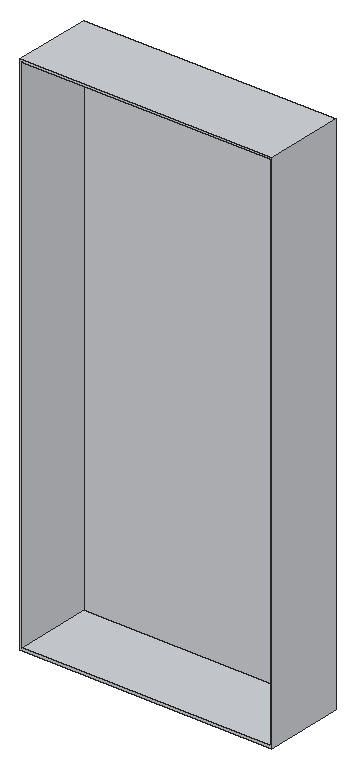
Revit family "Hager-VOLTA-Surface_mounted-IP30-Without_Cover-Without_DIN-NoHosted-CH-de", category Electrical Equipment, Revit 2023
Family settings
  Panel Configuration = Two Columns, Circuits Across
  Round Connector Dimension = Use Diameter
  Part Type = Panelboard
  Work Plane-Based = Yes
  Always vertical = Yes
  Cut with Voids When Loaded = No
  Maintain Annotation Orientation = No
  Shared = No
  Room Calculation Point = No
Parameters (values of type "VOLTA-Surface_mounted_W305_H640_D96_12_Modular_Spacing-VA48MD")
  Width Control [instance] = if([HG000006-Unterputz], if([EF000846 - Einbaubreite] > min_whd, [EF000846 - Einbaubreite], min_whd), if([EF000008 - Breite] > min_whd, ([EF000008 - Breite]), min_whd))  # 305 mm
  Void Depth [instance] = if([EF000218 - Einbautiefe] > 1 mm, [EF000218 - Einbautiefe], 1 mm)  # 1 mm
  Uniformat code = "D501001"
  Uniformat = "Low Tension Service & Dist."
  Référence = ""
  HGEF0002950-Breite in Teilungseinheiten = 12
  HGEF000266-Anzahl der Reihen = 4
  HG000131 - Functional label [instance] = ""
  HG000130 - Functional name [instance] = ""
  HG000099-Onfly Template ID-de-CH = "507532"
  HG000059-Operating voltage-de-CH [instance] = 230 V
  HG000017-Distanz zwischen den Polen = 18 mm
  HG000016-3D-Türsichtbarkeit = yes
  HG000015-Sichtbarkeit der Türöffnung = yes
  HG000014-Tür rechts = yes
  HG000013-Tür links = no
  HG000012-Türschwenkwinkel = 90.00°
  HG000011-Leere Reihen von unten = no
  HG000010-Asymmetrische Türen = no
  HG000009-Doppelflügeligen Tür = no
  HG000008-Anzahl der leeren Reihen = 0
  HG000007-Anzahl der leeren Spalten = 0
  HG000006-Unterputz = no
  HG000005-Dicke = 2 mm
  HG000004-Herstellerreferenz = "VA48MD"
  HG000003-Bereich = "VOLTA"
  HG000002-Mit tür = no
  HG000001-Anzahl der Spalten = 0
  ETIM class name = "Small distribution board"
  ETIM class code = "EC000214"
  EF015941 - Signaldurchlassende Tür = no
  EF015777 - Neutralleiterklemmenblock = no
  EF015776 - Erdungsklemmenblock = no
  EF009212 - Ausführung Deckel = "mit Ausschnitt"
  EF006306 - Mit Schloss = no
  EF006244 - Transparenter Deckel/Tür = no
  EF005474 - Schutzart (IP) = "IP30"
  EF004464 - Art der Tür = ""
  EF004462 - Art der Schliessung = ""
  EF002950 - Anzahl Teilungseinheiten = 12
  EF001596 - Werkstoff des Gehäuses = ""
  EF001134 - DIN-Schiene = no
  EF001131 - Innentiefe = 0 mm
  EF001088 - Anbaumöglichkeit = yes
  EF001062 - EMV-Ausführung = no
  EF000846 - Einbaubreite = 0 mm
  EF000339 - Art der Abdeckung = ""
  EF000332 - Einbauhöhe = 0 mm
  EF000266 - Anzahl der Reihen = 4
  EF000218 - Einbautiefe = 0 mm
  EF000118 - Mit Montageplatte = yes
  EF000116 - RAL-Nummer = 9010
  EF000049 - Tiefe = 96 mm
  EF000040 - Höhe = 640 mm
  EF000024 - UV-beständig = no
  EF000008 - Breite = 305 mm
  EF000007 - Farbe = "weiss"
  EF000003 - Montageart = "Aufputz"
  Type Comments = ""
  System Height [instance] = Height Control - 2 * [HG000005-Dicke]  # 636 mm
  Reference description = ""
  Reference = "VOLTA-Surface_mounted_W305_H640_D96_12_Modular_Spacing-VA48MD"
  Panel Name [instance] = ""  # (empty or 0)
  Offset [instance] = 0 mm
  Object type = ""
  Name hager = "ADD_Enclosures_EC000214"
  Name BIM&CO = "Electricity"
  Name = "VOLTA-Surface_mounted-IP30-Without_Cover-Without_DIN-CH"
  Model = ""
  Level Offset [instance] = [Flush Mounted - Door Frame Width] + Offset  # 0 mm
  HG000060-RAL-number = "9010"
  GTIN (Global Trade Item Number) = ""
  Description = ""
  Default Elevation = 1200 mm
  Creation Date = "12/15/2025 21:43:52"
  Code hager = "ADD-EC000214_EU"
  Code Uniformat = ""
  BIM&CO code = ""
  BC_VARIANT_ID = "1174158"
  BC_OBJECT_VERSION = "#9"  # constant formula
  BC_OBJECT_ID = "513473"  # constant formula
  BC_MODEL_ID = "1547142"  # constant formula
  BC_METADATA = "{\"ObjectGuid\":\"bc35c96e-cb38-443e-833d-0616858cb9ac\",\"ModelGuid\":\"8af03f69-2293-4735-a617-cc53adf55621\",\"VariantGuid\":\"8b6e323b-1b53-409a-a940-11b5a7fc5337\",\"Revision\":\"#4\",\"VariantName\":\"Template-Enclosure_EU-EC000214\"}"
  Arrow Offset [instance] = Depth Control / 8  # 12 mm
  Arrow Height [instance] = Depth Control - Arrow Offset  # 84 mm
  Host Offset [instance] = if([HG000006-Unterputz], 0 mm, [EF000049 - Tiefe])  # 96 mm
  min_whd [instance] = (2 * [HG000005-Dicke]) + 1 mm  # 5 mm
  Manufacturer = "Hager"  # constant formula
  Height Control [instance] = if([HG000006-Unterputz], if([EF000332 - Einbauhöhe] > min_whd, [EF000332 - Einbauhöhe], min_whd), if([EF000040 - Höhe] > min_whd, ([EF000040 - Höhe]), min_whd))  # 640 mm
  Flush Mounted - Door Frame Width [instance] = if(([EF000040 - Höhe] - [EF000332 - Einbauhöhe]) > 0 mm, if([HG000006-Unterputz], [EF000040 - Höhe] - [EF000332 - Einbauhöhe], 0 mm), 0 mm)  # 0 mm
  Depth Control [instance] = if([HG000006-Unterputz], if([EF000218 - Einbautiefe] > 0 mm, [EF000218 - Einbautiefe], 1 mm), if([EF000049 - Tiefe] > 0 mm, ([EF000049 - Tiefe]), 1 mm))  # 96 mm
Reference planes
  plane 1 "Center (Front/Back)": y = 0
  plane 2: z = 0
  plane 3 "Center (Left/Right)": x = 0
  plane 4: y = 2
  plane 5: y = 0
  plane 6: y = 0
  plane 7: z = 0
  plane 8: x = -152.5
  plane 9: x = 152.5
  plane 10: x = 150.5
  plane 11: x = -150.5
  plane 12: z = 0
  plane 13: z = 2
  plane 14: y = -91
  plane 15: y = -96
  plane 16: y = -2
  plane 17: z = 638
  plane 18: z = 640
  plane 19: z = 320
  plane 20: x = 0
  plane 21: y = -100
  plane 22 "Annotation H": y = -300
  plane 23 "Annotation V": x = 352.5
Forms (mm)
  Extrusion 1, solid
    sketch origin (-208.679, -4572, 0) x (-1, 0, 0) y (0, -1, 0)
      loop
        line (-56.179, -4476) -> (-361.179, -4476) -> (-361.179, -4572) -> (-56.179, -4572) -> (-56.179, -4476)
    from 0 to 640 <- "Height Control"
  Extrusion 2, void
    sketch origin (-350.771, -96, 1219.2) x (1, 0, 0) y (0, 0, 1)
      loop
        line (200.271, -581.2) -> (200.271, -1217.2) -> (501.271, -1217.2) -> (501.271, -581.2) -> (200.271, -581.2)
    from 0 to -94
  Extrusion 3, solid, detail levels coarse+medium
    sketch origin (-350.771, -96, 1219.2) x (-1, 0, 0) y (0, 0, 1)
      loop
        line (-200.271, -581.2) -> (-501.271, -581.2) -> (-501.271, -1217.2) -> (-200.271, -1217.2) -> (-200.271, -581.2)
    from 0 to 2 <- "HG000005-Dicke"
Cuts and joins
  Extrusion 2 cuts Extrusion 1
Dimensions and locks
  "Flush Mounted - Door Frame Width": plane 1 "Center (Front/Back)" to plane 6
  "HG000005-Dicke": plane 4 to plane 6
  "HG000005-Dicke": plane 8 to plane 11
  "HG000005-Dicke": plane 9 to plane 10
  equal spacing: plane 8, plane 3 "Center (Left/Right)", plane 9
  "Width Control": plane 8 to plane 9
  locked: plane 14 to plane 15 at 5
  "Host Offset": plane 1 "Center (Front/Back)" to plane 15
  "Depth Control": plane 5 to plane 15
  "HG000005-Dicke": plane 5 to plane 16
  "HG000005-Dicke": plane 13 to plane 12
  "Level Offset": plane 12 to level
  "HG000005-Dicke": plane 18 to plane 17
  "Height Control": plane 18 to plane 12
  "Arrow Offset": plane 5 to nested 4
  equal spacing: plane 18, plane 19, plane 12
  locked: connector elem to plane 19
  locked: connector elem to plane 3 "Center (Left/Right)"
  Extrusion 2 sketch curve to Extrusion 2 sketch curve to plane 9 = 301 mm, 2 mm
  locked: plane 9 to plane 23 "Annotation V" at 200
  locked: plane 22 "Annotation H" to plane 1 "Center (Front/Back)" at 300
  aligned and locked: nested 1 to plane 14
  aligned and locked: plane 3 "Center (Left/Right)" to nested 1
  aligned and locked: plane 3 "Center (Left/Right)" to nested 2
  aligned and locked: nested 2 to plane 15
  aligned and locked: plane 5 to Extrusion 1
  aligned and locked: Extrusion 3 sketch curve to plane 17
  aligned and locked: Extrusion 3 sketch curve to plane 11
  aligned and locked: plane 13 to Extrusion 3 sketch curve
  aligned and locked: Extrusion 3 sketch curve to plane 10
  aligned and locked: plane 13 to Extrusion 2 sketch curve
  aligned and locked: Extrusion 2 sketch curve to plane 17
  aligned and locked: plane 16 to Extrusion 2
  aligned and locked: plane 5 to Extrusion 1 sketch curve
  aligned and locked: plane 9 to Extrusion 1 sketch curve
  aligned and locked: plane 8 to Extrusion 1 sketch curve
  aligned and locked: plane 8 to nested 4
  aligned and locked: plane 8 to nested 3
  aligned and locked: nested 3 to plane 5
  aligned and locked: Extrusion 1 sketch curve to plane 15
  aligned and locked: Extrusion 2 to plane 15
  aligned and locked: nested 5 to plane 22 "Annotation H"
  aligned and locked: plane 23 "Annotation V" to nested 5
  aligned and locked: plane 11 to Extrusion 2
  aligned and locked: plane 10 to Extrusion 2
Nested families
  nested 1: "Hager_Enclosure_System" at (0, -91, 2), Height <- "System Height", Width_Control <- "Width Control", Built-in_Width <- "EF000846 - Einbaubreite", Width <- "EF000008 - Breite", Depth <- "HG000005-Dicke", Border <- "HG000005-Dicke", Distance_Between_Poles <- "HG000017-Distanz zwischen den Polen", Flush_Mounted <- "HG000006-Unterputz", Empty_Columns <- "HG000007-Anzahl der leeren Spalten", Total_No_Empty_Rows <- "HG000008-Anzahl der leeren Reihen", Empty_Rows_From_Bottom <- "HG000011-Leere Reihen von unten", Columns_Count <- "HG000001-Anzahl der Spalten", Rows_Count <- "HGEF000266-Anzahl der Reihen", Row_Module_Multiplicator <- "HGEF0002950-Breite in Teilungseinheiten", type "Hager_Enclosure_System", detail levels medium+fine
    with Width_Control 305 mm, Width 305 mm, Total_No_Rows 4, Total_No_Empty_Rows 0, Total_No_Columns 1, System_Width 301 mm, Rows_Count 4, Rows_Column 4, Row_Module_Multiplicator 12, Panel_4 no, Panel_3 no, Panel_2 no, Panel_1 no, No_Panels_Ctrl 1, Hide_Columns yes, Height 636 mm, Flush_Mounted no, Empty_Rows_From_Bottom no, Empty_Rows_Column 0, Empty_Columns 0, Empty column 4 0, Empty column 3 0, Empty column 2 0, Empty column 1 0, Distance_Between_Poles 18 mm, Depth 2 mm, Columns_Count 0, Column_Width 301 mm, Built-in_Width 0 mm, Border 2 mm
  nested 2: "Hager_Enclosure_Door" at (0, -96, 0), Height_Ctrl <- "Height Control", Width_Ctrl <- "Width Control", BuiltIn_Depth <- "EF000218 - Einbautiefe", Depth <- "EF000049 - Tiefe", BuiltIn_Width <- "EF000846 - Einbaubreite", Height <- "EF000040 - Höhe", BuiltIn_Height <- "EF000332 - Einbauhöhe", Width <- "EF000008 - Breite", Transparent <- "EF006244 - Transparenter Deckel/Tür", Border <- "HG000005-Dicke", Door <- "HG000002-Mit tür", Flush_Mounted <- "HG000006-Unterputz", Double <- "HG000009-Doppelflügeligen Tür", Assymetrical <- "HG000010-Asymmetrische Türen", Angle <- "HG000012-Türschwenkwinkel", Door_Left <- "HG000013-Tür links", Door_Right <- "HG000014-Tür rechts", Clearance <- "HG000015-Sichtbarkeit der Türöffnung", 3d_Door <- "HG000016-3D-Türsichtbarkeit", type "Hager_Enclosure_Door", detail levels medium+fine
    with min_wh 5 mm, Width_Ctrl 305 mm, Width 305 mm, Transparent_Door_No_Bottom_Border no, Transparent no, Leaf_Width 298 mm, Leaf_Tolerance 1.5 mm, Leaf_Height 633 mm, Leaf_2_Width 298 mm, Leaf_2_Offset 149 mm, Leaf_1_Width 298 mm, Leaf_1_Offset 149 mm, Height_Ctrl 640 mm, Height 640 mm, Frame_Width_Ctrl 305 mm, Frame_Width 305 mm, Frame_Internal_Offset 0 mm, Frame_Height_Ctrl 640 mm, Frame_Height 640 mm, Frame_Depth_Ctrl 1 mm, Frame_Depth 0 mm, Flush_Mounted no, Double_Clearance_Ctrl no, Double no, Door_Right_Ctrl no, Door_Right yes, Door_Left_Ctrl no, Door_Left no, Door no, Depth 96 mm, Clearance_Depth 298 mm, Clearance_Ctrl yes, Clearance yes, BuiltIn_Width 0 mm, BuiltIn_Height 0 mm, BuiltIn_Depth 0 mm, Border 2 mm, Assymetrical no, Angle 90.00°, 3d_Door yes
  nested 3: "Hager_Enclosure_Symbol_Triangle" at (-152.5, 0, 0), Depth <- "Depth Control", Width <- "Width Control", type "Hager_Enclosure_Symbol_Triangle"
    with Width_Ctrl 305 mm, Width 305 mm, Depth_Ctrl 96 mm, Depth 96 mm
  nested 4: "Hager_Enclosure_Symbol_Arrow" at (-152.5, -12, 0), Height <- "Arrow Height", type "Hager_Enclosure_Symbol_Arrow"
    with Width_Inside 6.3 mm, Width 75.6 mm, Height_Ctrl 84 mm, Height 84 mm
  nested 5: "Hager_Annotation-HG000130" at (352.5, -300, 0), HG000130 - Functional name <- "HG000130 - Functional name", type "Hager_Annotation-HG000130"
    with HG000130 - Functional name ""
Connectors
  electrical at (0, 0, 320), driven by "HG000059-Operating voltage-de-CH"
    settings: on plane 5, index 1, voltage 230 V, apparent load 0 VA, apparent load phase1 0 VA, apparent load phase2 0 VA, apparent load phase3 0 VA, power factor 1, load classification "Other", number of poles 1, system type 30, power factor state 1, is connector primary yes, connector utility no, sub classification motor no, connector description ""
Definition of nested family "Hager_Enclosure_Door"
  Parameters (values of type "Hager_Enclosure_Door")
    min_wh [instance] = (2 * Border) + 1 mm  # 11 mm
    Width_Ctrl [instance] = 400 mm
    Width [instance] = 500 mm
    Transparent_Door_No_Bottom_Border [instance] = no
    Transparent [instance] = yes
    Leaf_Width [instance] = if((Width_Ctrl - 2 * Border - 2 * Leaf_Tolerance) > 0 mm, (Width_Ctrl - 2 * Border - 2 * Leaf_Tolerance), min_wh)  # 387 mm
    Leaf_Tolerance [instance] = 1.5 mm  # constant formula
    Leaf_Height [instance] = if((Height_Ctrl - 2 * Border - 2 * Leaf_Tolerance) > 0 mm, (Height_Ctrl - 2 * Border - 2 * Leaf_Tolerance), min_wh)  # 387 mm
    Leaf_2_Width [instance] = if(and(and(Double, Assymetrical), Door_Left), (Leaf_Width / 3) - (Leaf_Tolerance / 2), if(and(and(Double, Assymetrical), Door_Right), (Leaf_Width / 3) * 2 - (Leaf_Tolerance / 2), if(and(Double, not(Assymetrical)), (Leaf_Width / 2) - Leaf_Tolerance, Leaf_Width)))  # 387 mm
    Leaf_2_Offset [instance] = if(and(Double, Assymetrical), Leaf_2_Width / 2, if(and(Double, not(Assymetrical)), Leaf_Width / 4, Leaf_Width / 2))  # 193.5 mm
    Leaf_1_Width [instance] = if(and(and(Double, Assymetrical), Door_Right), (Leaf_Width / 3) - (Leaf_Tolerance / 2), if(and(and(Double, Assymetrical), Door_Left), (Width / 3) * 2 - (Leaf_Tolerance / 2), if(and(Double, not(Assymetrical)), (Leaf_Width / 2) - Leaf_Tolerance, Leaf_Width)))  # 387 mm
    Leaf_1_Offset [instance] = if(and(Double, Assymetrical), Leaf_1_Width / 2, if(and(Double, not(Assymetrical)), Leaf_Width / 4, Leaf_Width / 2))  # 193.5 mm
    Height_Ctrl [instance] = 400 mm
    Height [instance] = 500 mm
    Frame_Width_Ctrl [instance] = if(Frame_Width > 0 mm, Frame_Width, 1 mm)  # 1 mm
    Frame_Width [instance] = Width - BuiltIn_Width  # 0 mm
    Frame_Internal_Offset [instance] = if(Flush_Mounted, Border, 0 mm)  # 5 mm
    Frame_Height_Ctrl [instance] = if(Frame_Height > 0 mm, Frame_Height, 1 mm)  # 1 mm
    Frame_Height [instance] = Height - BuiltIn_Height  # 0 mm
    Frame_Depth_Ctrl [instance] = if(Frame_Depth > 0 mm, Frame_Depth, 1 mm)  # 1 mm
    Frame_Depth [instance] = if(Depth - BuiltIn_Depth > 0 mm, if(Flush_Mounted, Depth - BuiltIn_Depth, 0 mm), 0 mm)  # 0 mm
    Flush_Mounted [instance] = yes
    Double_Clearance_Ctrl [instance] = and(Double, Clearance)  # no
    Double [instance] = no
    Door_Right_Ctrl [instance] = and(or(Door_Right, Double), Door)  # yes
    Door_Right [instance] = yes
    Door_Left_Ctrl [instance] = and(or(Door_Left, Double), Door)  # no
    Door_Left [instance] = no
    Door [instance] = yes
    Depth [instance] = 500 mm
    Default Elevation = 1219.2 mm
    Clearance_Material = none
    Clearance_Depth [instance] = if(Leaf_1_Width > Leaf_2_Width, Leaf_1_Width, Leaf_2_Width)  # 387 mm
    Clearance_Ctrl [instance] = and(not(Double), Clearance)  # yes
    Clearance [instance] = yes
    BuiltIn_Width [instance] = 500 mm
    BuiltIn_Height [instance] = 500 mm
    BuiltIn_Depth [instance] = 500 mm
    Border [instance] = 5 mm
    Assymetrical [instance] = yes
    Angle [instance] = 30.00°
    3d_Door [instance] = yes
  Reference planes
    plane 1 "Center (Front/Back)": y = 0
    plane 2 "Bottom": z = 0
    plane 3 "Center (Left/Right)": x = 0
    plane 4: z = 400
    plane 5: x = -200
    plane 6: x = 200
    plane 7: z = 395
    plane 8: x = -195
    plane 9: z = 5
    plane 10: x = 195
    plane 11: y = 0
    plane 12: z = 6.5
    plane 13: x = -582
    plane 14: y = -387
    plane 15: x = 582
    plane 16: x = 0
    plane 17: x = 0
    plane 18: x = -193.5
    plane 19: x = 193.5
    plane 20: z = 393.5
  Forms (mm)
    Extrusion 1, solid, visible <- "Flush_Mounted"
      sketch origin (0, 0, 0) x (1, 0, 0) y (0, 0, 1)
        loop
          line (195, 5) -> (195, 395) -> (-195, 395) -> (-195, 5) -> (195, 5)
        loop
          line (-201, 401) -> (-201, -1) -> (201, -1) -> (201, 401) -> (-201, 401)
      from 0 to 1 <- "Frame_Depth_Ctrl"
    Extrusion 2, solid, material <- "Clearance_Material", visible <- "Double_Clearance_Ctrl"
      sketch origin (1200, 0, 0) x (1, 0, 0) y (0, 0, -1)
        loop
          line (-1782, -393.5) -> (-618, -393.5) -> (-618, 0) -> (-1782, 0) -> (-1782, -393.5)
      from 0 to -387
  Dimensions and locks
    equal spacing: plane 5, plane 3 "Center (Left/Right)", plane 6
    "Width_Ctrl": plane 5 to plane 6
    "Border": plane 5 to plane 8
    "Border": plane 6 to plane 10
    "Border": plane 9 to level
    "Border": plane 4 to plane 7
    "Height_Ctrl": plane 4 to level
    "Leaf_Tolerance": plane 12 to plane 9
    "Frame_Depth": plane 11 to plane 1 "Center (Front/Back)"
    "Frame_Width_Ctrl": plane 5 to Extrusion 1 sketch curve
    "Frame_Width_Ctrl": plane 6 to Extrusion 1 sketch curve
    "Frame_Width_Ctrl": Extrusion 1 sketch curve to plane 4
    "Frame_Width_Ctrl": plane 2 "Bottom" to Extrusion 1 sketch curve
    "Leaf_1_Offset": plane 18 to plane 16
    "Leaf_2_Offset": plane 17 to plane 19
    "Leaf_1_Width": plane 13 to plane 8
    "Leaf_2_Width": plane 10 to plane 15
    "Clearance_Depth": plane 14 to plane 1 "Center (Front/Back)"
    "Leaf_Tolerance": plane 8 to plane 18
    "Leaf_Tolerance": plane 19 to plane 10
    "Leaf_Tolerance": plane 7 to plane 20
    "Frame_Internal_Offset": plane 5 to Extrusion 1 sketch curve
    "Frame_Internal_Offset": Extrusion 1 sketch curve to plane 2 "Bottom"
    "Frame_Internal_Offset": plane 6 to Extrusion 1 sketch curve
    "Frame_Internal_Offset": plane 4 to Extrusion 1 sketch curve
    aligned and locked: level to plane 2 "Bottom"
    aligned and locked: nested 1 to plane 16
    aligned and locked: nested 2 to plane 17
    aligned and locked: Extrusion 2 to plane 13
    aligned and locked: plane 15 to Extrusion 2
    aligned and locked: Extrusion 2 to plane 14
    aligned and locked: plane 12 to nested 1
    aligned and locked: nested 2 to plane 12
    aligned and locked: Extrusion 2 to plane 11
    aligned and locked: plane 20 to Extrusion 2
    aligned and locked: nested 2 to plane 11
    aligned and locked: nested 1 to plane 11
  Automatic sketch dimensions
    Extrusion 2 sketch curve to level = 0 mm
    plane 5 to Extrusion 2 sketch curve = 382 mm
    plane 6 to Extrusion 2 sketch curve = 382 mm
    Extrusion 2 sketch curve to plane 4 = 6.5 mm
  Nested families
    nested 1: "Hager_Enclosure_Door_Leaf" at (0, 0, 6.5), Width <- "Leaf_1_Width", visible <- "Door_Left_Ctrl", Leaf_Height <- "Leaf_Height", Angle <- "Angle", Depth <- "Border", 3d_Door <- "3d_Door", Transparent <- "Transparent", Clearance Material <- "Clearance_Material", Clearance <- "Clearance_Ctrl", Transparent_Door_No_Bottom_Border <- "Transparent_Door_No_Bottom_Border", type "Hager_Enclosure_Door_Leaf"
      with Width 387 mm, Transparent_Door_No_Bottom_Border no, Transparent_Door_Border_Bottom_Top 25 mm, Transparent_Door_Border 25 mm, Transparent_Ctrl yes, Transparent yes, Standard no, Leaf_Height 387 mm, Glass_Offset 1 mm, Depth 5 mm, Clearance Material none, Clearance yes, Angle_Ctrl 30.00°, Angle 30.00°, 3d_Door yes
    nested 2: "Hager_Enclosure_Door_Leaf" at (0, 0, 6.5) x (-1, 0, 0) z (0, 0, 1), Width <- "Leaf_2_Width", visible <- "Door_Right_Ctrl", Leaf_Height <- "Leaf_Height", Angle <- "Angle", Depth <- "Border", 3d_Door <- "3d_Door", Transparent <- "Transparent", Clearance Material <- "Clearance_Material", Clearance <- "Clearance_Ctrl", Transparent_Door_No_Bottom_Border <- "Transparent_Door_No_Bottom_Border", type "Hager_Enclosure_Door_Leaf"
      with Width 387 mm, Transparent_Door_No_Bottom_Border no, Transparent_Door_Border_Bottom_Top 25 mm, Transparent_Door_Border 25 mm, Transparent_Ctrl yes, Transparent yes, Standard no, Leaf_Height 387 mm, Glass_Offset 1 mm, Depth 5 mm, Clearance Material none, Clearance yes, Angle_Ctrl 30.00°, Angle 30.00°, 3d_Door yes
  Definition of nested family "Hager_Enclosure_Door_Leaf"
    Parameters (values of type "Hager_Enclosure_Door_Leaf")
      Width [instance] = 2000 mm
      Transparent_Door_No_Bottom_Border [instance] = yes
      Transparent_Door_Border_Bottom_Top [instance] = if(Transparent_Door_No_Bottom_Border, 0.1 mm, Transparent_Door_Border)  # 0.1 mm
      Transparent_Door_Border [instance] = if(Transparent_Door_No_Bottom_Border, (Width * 0.12), 25 mm)  # 240 mm
      Transparent_Ctrl [instance] = and(Transparent, [3d_Door])  # yes
      Transparent [instance] = yes
      Standard [instance] = and(not(Transparent), [3d_Door])  # no
      Leaf_Height [instance] = 2720.336 mm
      Glass_Offset [instance] = if((Depth - 10 mm) / 2 > 0 mm, (Depth - 10 mm) / 2, 1 mm)  # 15 mm
      Glass_Material = none
      Depth [instance] = 40 mm
      Default Elevation = 0 mm
      Clearance Material [instance] = none
      Clearance [instance] = yes
      Angle_Ctrl [instance] = if(Angle > 170.00°, 170.00°, Angle)  # 45.00°
      Angle [instance] = 45.00°
      3d_Door [instance] = yes
    Reference planes
      plane 1 "Center (Front/Back)": y = 0
      plane 2: z = 0
      plane 3 "Center (Left/Right)": x = 0
      plane 4: y = 2000
      plane 5: x = -1000
      plane 6: x = 1000
      plane 7: x = -3000
      plane 8: z = 2720.336
      plane 9: z = 0.1
      plane 10: z = 2720.236
      plane 11: x = 760
      plane 12: x = -760
    Forms (mm)
      Extrusion 1, solid, material <- "Clearance Material", visible <- "Clearance"
        sketch origin (0, 0, 0) x (1, 0, 0) y (0, 0, 1)
          loop
            line (-3000, 2720.336) -> (-3000, 0) -> (1000, 0) -> (1000, 2720.336) -> (-3000, 2720.336)
        from 0 to -2000
      Extrusion 2, solid, visible <- "Standard", detail levels medium+fine
        sketch origin (-1000, 0, 0) x (0.707107, 0.707107, 0) y (-0.707107, 0.707107, 0)
          loop
            line (0, -40) -> (2000, -40) -> (2000, 0) -> (0, 0) -> (0, -40)
        from 0 to 2720.336 <- "Leaf_Height"
      Extrusion 3, solid, visible <- "Transparent_Ctrl", detail levels medium+fine
        sketch origin (-1000, 0, 0) x (0.707107, 0.707107, 0) y (-0.707107, 0.707107, 0)
          loop
            line (0, -40) -> (2000, -40) -> (2000, 0) -> (0, 0) -> (0, -40)
        from 0 to 2720.336 <- "Leaf_Height"
      Extrusion 4, void, detail levels medium+fine
        sketch origin (-1000, 0, 0) x (-0.707107, 0.707107, 0) y (0.707107, 0.707107, 0)
          loop
            line (0, 240) -> (0, 1760) -> (-40, 1760) -> (-40, 240) -> (0, 240)
        from -2720.236 to -0.1
      Extrusion 5, solid, material <- "Glass_Material", visible <- "Transparent_Ctrl", detail levels medium+fine
        sketch origin (-1000, 0, 0) x (0.707107, 0.707107, 0) y (-0.707107, 0.707107, 0)
          loop
            line (240, -15) -> (240, -25) -> (1760, -25) -> (1760, -15) -> (240, -15)
        from 0.1 to 2720.236
    Cuts and joins
      Extrusion 4 cuts Extrusion 3
    Lines and regions (mm)
      symbolic lines
        curve 1: line (1000, 0, 0) -> (-3000, 0, 0)
        curve 2: arc (1000, 0, 0) -> (-1000, 2000, 0) -> (-3000, 0, 0) r 2000
        curve 4: line (-1000, 0, 0) -> (414.214, 1414.214, 0)
      reference lines
        curve 3: line (-1000, 0, 0) -> (414.214, 1414.214, 0)
      symbolic lines, detail levels medium+fine
        curve 5: line (414.214, 1414.214, 0) -> (442.498, 1385.929, 0)
        curve 6: line (442.498, 1385.929, 0) -> (-971.716, -28.284, 0)
        curve 7: line (-971.716, -28.284, 0) -> (-1000, 0, 0)
        curve 8: line (-1000, 0, 2720.336) -> (1000, 0, 2720.336)
        curve 9: line (-1000, 0, 0) -> (-1000, 0, 2720.336)
        curve 10: line (1000, 0, 0) -> (-1000, 0, 0)
        curve 11: line (1000, 0, 2720.336) -> (1000, 0, 0)
      symbolic lines, visible <- "Transparent_Ctrl", detail levels medium+fine
        curve 12: line (-760, 0, 2720.236) -> (760, 0, 2720.236)
        curve 13: line (-760, 0, 0.1) -> (-760, 0, 2720.236)
        curve 14: line (760, 0, 0.1) -> (-760, 0, 0.1)
        curve 15: line (760, 0, 2720.236) -> (760, 0, 0.1)
    Dimensions and locks
      "Width": plane 1 "Center (Front/Back)" to plane 4
      equal spacing: plane 5, plane 3 "Center (Left/Right)", plane 6
      "Width": plane 5 to plane 6
      "Width": plane 7 to plane 5
      "Leaf_Height": plane 8 to level
      "Depth": curve 6 to curve 3
      "Width": curve 5 to curve 3
      "Width": curve 3 to curve 3
      "Transparent_Door_Border": Extrusion 4 sketch curve to curve 7
      "Transparent_Door_Border": Extrusion 4 sketch curve to curve 5
      "Transparent_Door_Border_Bottom_Top": plane 8 to plane 10
      "Transparent_Door_Border_Bottom_Top": plane 9 to level
      "Glass_Offset": Extrusion 5 sketch curve to curve 4
      "Glass_Offset": Extrusion 5 sketch curve to curve 6
      "Transparent_Door_Border": Extrusion 5 sketch curve to curve 5
      "Transparent_Door_Border": Extrusion 5 sketch curve to curve 7
      "Transparent_Door_Border": plane 12 to plane 5
      "Transparent_Door_Border": plane 6 to plane 11
      "Angle_Ctrl": angle plane 1 "Center (Front/Back)" to curve 3
      aligned and locked: level to plane 2
      aligned and locked: Extrusion 1 to curve 1
      aligned and locked: plane 6 to Extrusion 1
      aligned and locked: Extrusion 1 to plane 1 "Center (Front/Back)"
      aligned and locked: plane 4 to Extrusion 1
      aligned and locked: plane 8 to Extrusion 1
      aligned and locked: curve 4 to curve 3
      aligned and locked: Extrusion 2 sketch curve to curve 7
      aligned and locked: Extrusion 2 sketch curve to curve 6
      aligned and locked: Extrusion 2 sketch curve to curve 5
      aligned and locked: Extrusion 2 sketch curve to curve 3
      aligned and locked: curve 7 to Extrusion 3 sketch curve
      aligned and locked: Extrusion 3 sketch curve to curve 4
      aligned and locked: Extrusion 3 sketch curve to curve 6
      aligned and locked: Extrusion 3 sketch curve to curve 5
      aligned and locked: curve 4 to Extrusion 4 sketch curve
      aligned and locked: curve 6 to Extrusion 4 sketch curve
      aligned and locked: Extrusion 4 to plane 9
      aligned and locked: Extrusion 4 to plane 10
      aligned and locked: Extrusion 5 to plane 9
      aligned and locked: Extrusion 5 to plane 10
      aligned and locked: curve 8 to plane 8
      aligned and locked: plane 5 to curve 9
      aligned and locked: plane 2 to curve 10
      aligned and locked: curve 11 to plane 6
      aligned and locked: plane 10 to curve 12
      aligned and locked: plane 12 to curve 13
      aligned and locked: curve 14 to plane 9
      aligned and locked: plane 11 to curve 15
    Automatic sketch dimensions
      plane 1 "Center (Front/Back)" to curve 2 = 0 mm
      curve 2 to plane 5 = 0 mm
      Extrusion 1 sketch curve to level = 0 mm
      Extrusion 1 sketch curve to plane 7 = 0 mm
      Extrusion 1 sketch curve to plane 6 = 0 mm
      Extrusion 1 sketch curve to plane 8 = 0 mm
      plane 1 "Center (Front/Back)" to curve 3 = 0 mm
      curve 3 to plane 5 = 0 mm
      curve 7 to curve 3 = 0 mm
Definition of nested family "Hager_Enclosure_Symbol_Triangle"
  Parameters (values of type "Hager_Enclosure_Symbol_Triangle")
    Width_Ctrl [instance] = if(Width > 1 mm, Width, 1 mm)  # 498 mm
    Width [instance] = 498 mm
    Depth_Ctrl [instance] = if(Depth > 1 mm, Depth, 1 mm)  # 72 mm
    Depth [instance] = 72 mm
  Reference planes
    plane 1 "Centre (avant/arrière)": y = 0
    plane 2: z = 0
    plane 3 "Centre (gauche/droite)": x = 0
  Lines and regions (mm)
    Filled region 1, type "Solid_Black", in view "Niveau de réf."
      outline origin (0, 0, 0) x (1, 0, 0) y (0, 1, 0)
        loop
          line (0, 0) -> (498, 0) -> (498, 72) -> (0, 0)
    reference lines, in view "Niveau de réf."
      curve 1: line (-206.153, 72, 0) -> (1083.258, 72, 0)
      curve 2: line (498, 405.456, 0) -> (498, -517.619, 0)
  Dimensions and locks
    "Depth_Ctrl": plane 1 "Centre (avant/arrière)" to curve 1
    "Width_Ctrl": plane 3 "Centre (gauche/droite)" to curve 2
    aligned and locked: curve 1 to Filled region 1 sketch curve
    aligned and locked: Filled region 1 sketch curve to plane 1 "Centre (avant/arrière)"
    aligned and locked: curve 2 to Filled region 1 sketch curve
    aligned and locked: plane 3 "Centre (gauche/droite)" to Filled region 1 sketch curve
    aligned and locked: plane 1 "Centre (avant/arrière)" to Filled region 1 sketch curve
  Automatic sketch dimensions
    curve 1 to plane 3 "Centre (gauche/droite)" = 206.153 mm
    curve 2 to curve 1 = 585.258 mm
    plane 1 "Centre (avant/arrière)" to curve 2 = 517.619 mm
    curve 2 to plane 1 "Centre (avant/arrière)" = 405.456 mm
Definition of nested family "Hager_Enclosure_Symbol_Arrow"
  Parameters (values of type "Hager_Enclosure_Symbol_Arrow")
    Width_Inside [instance] = if(Width / 12 > 2 mm, Width / 12, 2 mm)  # 4.987 mm
    Width [instance] = if(Height_Ctrl * 0.9 > 2 mm, Height_Ctrl * 0.9, 2 mm)  # 59.85 mm
    Height_Ctrl [instance] = if(Height > 2 mm, Height, 2 mm)  # 66.5 mm
    Height [instance] = 66.5 mm
  Reference planes
    plane 1 "Centre (avant/arrière)": y = 0
    plane 2: z = 0
    plane 3 "Centre (gauche/droite)": x = 0
    plane 4: x = 59.85
    plane 5: y = 28.263
    plane 6: y = 38.238
    plane 7: y = 66.5
    plane 8: x = 29.925
    plane 9: y = 33.25
  Lines and regions (mm)
    Filled region 1, type "Solid_Black", in view "Niveau de réf."
      outline origin (0, 0, 0) x (1, 0, 0) y (0, 1, 0)
        loop
          line (59.85, 66.5) -> (37.929, 52.827) -> (51.846, 41.935) -> (59.85, 66.5)
    detail lines, in view "Niveau de réf."
      curve 1: line (0, 0, 0) -> (29.925, 38.238, 0)
      curve 2: line (29.925, 38.238, 0) -> (29.925, 28.263, 0)
      curve 3: line (29.925, 28.263, 0) -> (59.85, 66.5, 0)
  Dimensions and locks
    "Width": plane 3 "Centre (gauche/droite)" to plane 4
    "Height_Ctrl": plane 7 to plane 1 "Centre (avant/arrière)"
    equal spacing: plane 3 "Centre (gauche/droite)", plane 8, plane 4
    equal spacing: plane 7, plane 9, plane 1 "Centre (avant/arrière)"
    equal spacing: plane 6, plane 9, plane 5
    "Width_Inside": plane 6 to plane 9
    equal spacing: curve 3, Filled region 1 sketch curve, Filled region 1 sketch curve
    angle Filled region 1 sketch curve to curve 3 = 20.00°
    angle curve 3 to Filled region 1 sketch curve = 20.00°
    locked: curve 3 to Filled region 1 sketch curve (angle 90.00°)
  Automatic sketch dimensions
    plane 1 "Centre (avant/arrière)" to curve 1 = 0 mm
    curve 1 to plane 3 "Centre (gauche/droite)" = 0 mm
    curve 2 to plane 6 = 0 mm
    curve 3 to plane 8 = 0 mm
    curve 3 to plane 4 = 0 mm
    curve 2 to plane 5 = 0 mm
    curve 3 to plane 7 = 0 mm
    Filled region 1 sketch curve to plane 4 = 0 mm
    Filled region 1 sketch curve to plane 7 = 0 mm
Definition of nested family "Hager_Annotation-HG000130"
  Parameters (values of type "Hager_Annotation-HG000130")
    HG000130 - Functional name [instance] = ""
  Reference planes
    plane 1: y = 0
    plane 2: x = 0
  Lines and regions (mm)
    detail lines
      curve 1: line (-27.5, 10, 0) -> (27.5, 10, 0)
      curve 2: line (-27.5, -10, 0) -> (-27.5, 10, 0)
      curve 3: line (27.5, -10, 0) -> (-27.5, -10, 0)
      curve 4: line (27.5, 10, 0) -> (27.5, -10, 0)
  Text (mm)
    label "HG000130 - Functional name" at (0.16, 0.026, 0), shows "HG000130 - Functional name"
